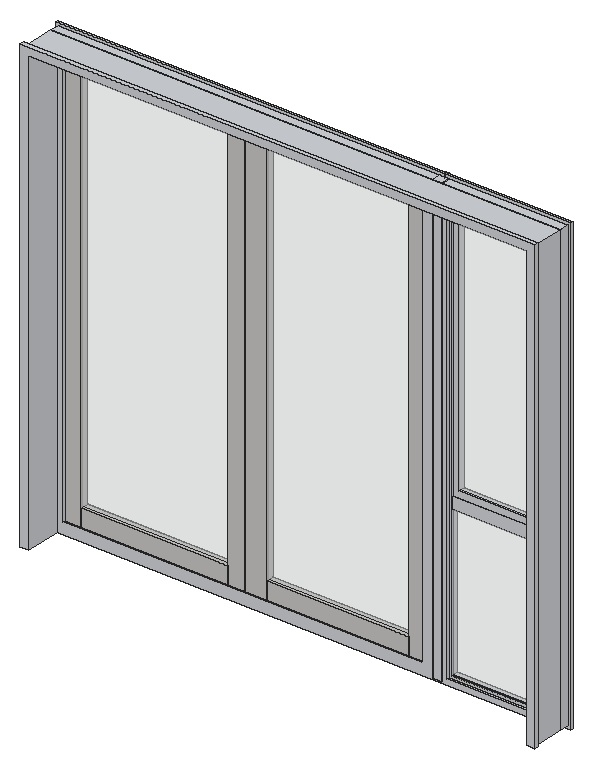
Revit family "APL Residential Thermal Heart French Door with Sidelight", category Doors, host Wall, Revit 2017 (continued)
Definition of nested family "APL Residential Thermal Heart Sidelight Vertical Section"
  Definition of nested family "65000_Frame"
    Lines and regions (mm)
      detail lines, in view "Ref. Level"
        curve 148: arc (-15.221, 13.261, 0) -> (-15.515, 13.14, 0) -> (-15.83, 13.1, 0) r 1.2
        curve 149: arc (-15.83, 13.1, 0) -> (-16.005, 13.153, 0) -> (-16.116, 13.297, 0) r 0.3
        curve 150: arc (-17.004, 15.737, 0) -> (-17.151, 15.928, 0) -> (-17.38, 16, 0) r 0.4
        curve 151: arc (-23.02, 16, 0) -> (-23.249, 15.928, 0) -> (-23.396, 15.737, 0) r 0.4
        curve 152: arc (-24.284, 13.297, 0) -> (-24.395, 13.153, 0) -> (-24.57, 13.1, 0) r 0.3
        curve 153: arc (-24.57, 13.1, 0) -> (-24.885, 13.14, 0) -> (-25.179, 13.261, 0) r 1.2
        curve 154: arc (-26.707, 14.146, 0) -> (-26.804, 14.186, 0) -> (-26.907, 14.2, 0) r 0.4
        curve 155: arc (-27.2, 14.2, 0) -> (-27.483, 14.083, 0) -> (-27.6, 13.8, 0) r 0.4
        curve 156: line (-27.2, 10, 0) -> (-26.907, 10, 0)
        curve 157: line (-26.707, 10.054, 0) -> (-25.179, 10.939, 0)
        curve 158: line (-24.578, 11.1, 0) -> (-23.655, 11.1, 0)
        curve 159: line (-22.716, 11.758, 0) -> (-21.923, 13.937, 0)
        curve 160: line (-21.547, 14.2, 0) -> (-18.853, 14.2, 0)
        curve 161: line (-18.477, 13.937, 0) -> (-17.684, 11.758, 0)
        curve 162: line (-16.745, 11.1, 0) -> (-15.822, 11.1, 0)
        curve 163: line (-15.221, 10.939, 0) -> (-13.693, 10.054, 0)
        curve 164: line (-13.493, 10, 0) -> (-13.2, 10, 0)
        curve 165: line (-12.8, 10.4, 0) -> (-12.8, 13.8, 0)
        curve 166: line (-13.2, 14.2, 0) -> (-13.493, 14.2, 0)
        curve 167: line (-13.693, 14.146, 0) -> (-15.221, 13.261, 0)
        curve 168: line (-16.116, 13.297, 0) -> (-17.004, 15.737, 0)
        curve 169: line (-17.38, 16, 0) -> (-23.02, 16, 0)
        curve 170: line (-23.396, 15.737, 0) -> (-24.284, 13.297, 0)
        curve 171: line (-25.179, 13.261, 0) -> (-26.707, 14.146, 0)
        curve 172: line (-26.907, 14.2, 0) -> (-27.2, 14.2, 0)
        curve 173: line (-27.6, 13.8, 0) -> (-27.6, 10.4, 0)
        curve 174: arc (-15.897, -0.782, 0) -> (-16.183, -0.738, 0) -> (-16.299, -0.474, 0) r 0.3
        curve 175: arc (-16.092, 1.892, 0) -> (-16.065, 1.992, 0) -> (-16.005, 2.078, 0) r 0.3
        curve 176: arc (-15.641, 2.441, 0) -> (-15.448, 2.493, 0) -> (-15.307, 2.352, 0) r 0.2
        curve 177: arc (-15.262, 2.184, 0) -> (-15.21, 2.095, 0) -> (-15.121, 2.043, 0) r 0.2
        curve 178: arc (-12.9, 1.5, 0) -> (-12.62, 1.693, 0) -> (-12.7, 2.024, 0) r 0.3
        curve 179: arc (-12.7, 2.024, 0) -> (-12.774, 2.125, 0) -> (-12.8, 2.247, 0) r 0.3
        curve 180: arc (-12.606, 6.25, 0) -> (-12.642, 6.422, 0) -> (-12.8, 6.5, 0) r 0.2
        curve 181: arc (-13.321, 6.5, 0) -> (-13.402, 6.489, 0) -> (-13.477, 6.456, 0) r 0.3
        curve 182: arc (-14.731, 5.691, 0) -> (-14.728, 5.521, 0) -> (-14.834, 5.389, 0) r 0.25
        curve 183: arc (-14.92, 5.337, 0) -> (-15.172, 5.332, 0) -> (-15.3, 5.55, 0) r 0.25
        curve 184: arc (-15.3, 7.126, 0) -> (-15.218, 7.523, 0) -> (-14.985, 7.854, 0) r 1
        curve 185: arc (-14.985, 7.854, 0) -> (-14.922, 8, 0) -> (-14.985, 8.146, 0) r 0.2
        curve 186: arc (-14.985, 8.146, 0) -> (-15.218, 8.477, 0) -> (-15.3, 8.874, 0) r 1
        curve 187: arc (-15.3, 10.45, 0) -> (-15.172, 10.668, 0) -> (-14.92, 10.663, 0) r 0.25
        curve 188: arc (-14.834, 10.611, 0) -> (-14.728, 10.479, 0) -> (-14.731, 10.309, 0) r 0.25
        curve 189: arc (-13.477, 9.544, 0) -> (-13.402, 9.511, 0) -> (-13.321, 9.5, 0) r 0.3
        curve 190: arc (-12.8, 9.5, 0) -> (-12.642, 9.578, 0) -> (-12.606, 9.75, 0) r 0.2
        curve 191: arc (-12.8, 13.753, 0) -> (-12.774, 13.875, 0) -> (-12.7, 13.976, 0) r 0.3
        curve 192: arc (-12.7, 13.976, 0) -> (-12.62, 14.307, 0) -> (-12.9, 14.5, 0) r 0.3
        curve 193: arc (-15.121, 13.957, 0) -> (-15.21, 13.905, 0) -> (-15.262, 13.816, 0) r 0.2
        curve 194: arc (-15.307, 13.648, 0) -> (-15.448, 13.507, 0) -> (-15.641, 13.559, 0) r 0.2
        curve 195: arc (-16.005, 13.922, 0) -> (-16.065, 14.008, 0) -> (-16.092, 14.108, 0) r 0.3
        curve 196: arc (-16.299, 16.474, 0) -> (-16.183, 16.738, 0) -> (-15.897, 16.782, 0) r 0.3
        curve 197: arc (-14.487, 16.268, 0) -> (-14.361, 16.181, 0) -> (-14.295, 16.043, 0) r 0.3
        curve 198: arc (-14.295, 16.043, 0) -> (-14.022, 15.801, 0) -> (-13.717, 16, 0) r 0.3
        curve 199: arc (-11.9, 16, 0) -> (-11.193, 15.707, 0) -> (-10.9, 15, 0) r 1
        curve 200: arc (-10.9, 2.2, 0) -> (-10.841, 2.059, 0) -> (-10.7, 2, 0) r 0.2
        curve 201: arc (-2.491, 2, 0) -> (-2.137, 2.146, 0) -> (-1.991, 2.5, 0) r 0.5
        curve 202: arc (-1.991, 5.924, 0) -> (-1.844, 6.278, 0) -> (-1.491, 6.425, 0) r 0.501
        curve 203: arc (5.2, 6.425, 0) -> (5.341, 6.484, 0) -> (5.4, 6.625, 0) r 0.2
        curve 204: arc (5.4, 14.6, 0) -> (5.81, 15.59, 0) -> (6.8, 16, 0) r 1.4
        curve 205: arc (16.5, 16, 0) -> (17.2, 15.3, 0) -> (16.5, 14.6, 0) r 0.7
        curve 206: arc (6.7, 6.425, 0) -> (6.29, 5.435, 0) -> (5.3, 5.025, 0) r 1.4
        curve 207: arc (4.017, 5.025, 0) -> (3.727, 4.932, 0) -> (3.545, 4.689, 0) r 0.5
        curve 208: arc (3.545, 4.689, 0) -> (2.991, 4.159, 0) -> (2.238, 4.302, 0) r 0.837
        curve 209: arc (2.238, 4.302, 0) -> (1.3, 4.625, 0) -> (0.362, 4.302, 0) r 1.525
        curve 210: arc (0.362, 4.302, 0) -> (0.2, 4.203, 0) -> (0.02, 4.143, 0) r 0.837
        curve 211: arc (0.02, 4.143, 0) -> (-0.186, 4.046, 0) -> (-0.328, 3.867, 0) r 0.5
        curve 212: arc (-0.328, 3.867, 0) -> (-0.5, 3.1, 0) -> (-0.328, 2.333, 0) r 1.8
        curve 213: arc (-0.328, 2.333, 0) -> (-0.186, 2.154, 0) -> (0.02, 2.057, 0) r 0.5
        curve 214: arc (0.02, 2.057, 0) -> (0.2, 1.997, 0) -> (0.362, 1.898, 0) r 0.837
        curve 215: arc (0.362, 1.898, 0) -> (1.3, 1.575, 0) -> (2.238, 1.898, 0) r 1.525
        curve 216: arc (2.238, 1.898, 0) -> (2.888, 2.064, 0) -> (3.452, 1.7, 0) r 0.837
        curve 217: arc (4.1, 1.7, 0) -> (5.444, 1.144, 0) -> (6, -0.2, 0) r 1.9
        curve 218: arc (6, -1.575, 0) -> (6.059, -1.717, 0) -> (6.2, -1.775, 0) r 0.2
        curve 219: arc (6.5, -1.775, 0) -> (6.641, -1.834, 0) -> (6.7, -1.975, 0) r 0.2
        curve 220: arc (10.2, -4.9, 0) -> (10.7, -5.4, 0) -> (10.2, -5.9, 0) r 0.5
        curve 221: arc (5.9, -5.9, 0) -> (5.759, -5.959, 0) -> (5.7, -6.1, 0) r 0.2
        curve 222: arc (5.7, -18.8, 0) -> (5.641, -18.941, 0) -> (5.5, -19, 0) r 0.2
        curve 223: arc (2.4, -19, 0) -> (2.259, -18.941, 0) -> (2.2, -18.8, 0) r 0.2
        curve 224: arc (2.2, -17.25, 0) -> (2.699, -16.749, 0) -> (3.2, -17.249, 0) r 0.5
        curve 225: arc (3.2, -13.249, 0) -> (2.7, -13.749, 0) -> (2.2, -13.249, 0) r 0.5
        curve 226: arc (2.2, -12.5, 0) -> (2.493, -11.793, 0) -> (3.2, -11.5, 0) r 1
        curve 227: arc (4.1, -11.5, 0) -> (4.241, -11.441, 0) -> (4.3, -11.3, 0) r 0.2
        curve 228: arc (4.3, -5.842, 0) -> (4.539, -5.059, 0) -> (5.175, -4.544, 0) r 1.4
        curve 229: arc (5.175, -4.544, 0) -> (5.266, -4.47, 0) -> (5.3, -4.358, 0) r 0.2
        curve 230: arc (5.3, -3.317, 0) -> (5.266, -3.205, 0) -> (5.175, -3.132, 0) r 0.2
        curve 231: arc (5.175, -3.132, 0) -> (4.539, -2.616, 0) -> (4.3, -1.834, 0) r 1.4
        curve 232: arc (4.3, -0.2, 0) -> (4.241, -0.059, 0) -> (4.1, 0, 0) r 0.2
        curve 233: line (-14.487, -0.268, 0) -> (-15.897, -0.782, 0)
        curve 234: line (-16.299, -0.474, 0) -> (-16.092, 1.892, 0)
        curve 235: line (-16.005, 2.078, 0) -> (-15.641, 2.441, 0)
        curve 236: line (-15.307, 2.352, 0) -> (-15.262, 2.184, 0)
        curve 237: line (-15.262, 2.184, 0) -> (-13.132, 1.51, 0)
        curve 238: line (-13.132, 1.51, 0) -> (-12.9, 1.5, 0)
        curve 239: line (-12.8, 2.247, 0) -> (-12.8, 5.475, 0)
        curve 240: line (-12.8, 5.475, 0) -> (-12.606, 6.25, 0)
        curve 241: line (-12.8, 6.5, 0) -> (-13.321, 6.5, 0)
        curve 242: line (-13.321, 6.5, 0) -> (-14.731, 5.691, 0)
        curve 243: line (-15.3, 5.55, 0) -> (-15.3, 7.126, 0)
        curve 244: line (-15.3, 8.874, 0) -> (-15.3, 10.45, 0)
        curve 245: line (-14.731, 10.309, 0) -> (-13.477, 9.544, 0)
        curve 246: line (-13.477, 9.544, 0) -> (-12.8, 9.5, 0)
        curve 247: line (-12.606, 9.75, 0) -> (-12.794, 10.475, 0)
        curve 248: line (-12.794, 10.475, 0) -> (-12.8, 13.753, 0)
        curve 249: line (-13.054, 14.5, 0) -> (-15.121, 13.957, 0)
        curve 250: line (-15.121, 13.957, 0) -> (-15.307, 13.648, 0)
        curve 251: line (-15.641, 13.559, 0) -> (-16.005, 13.922, 0)
        curve 252: line (-16.092, 14.108, 0) -> (-16.299, 16.474, 0)
        curve 253: line (-15.897, 16.782, 0) -> (-14.487, 16.268, 0)
        curve 254: line (-13.717, 16, 0) -> (-11.9, 16, 0)
        curve 255: line (-10.9, 15, 0) -> (-10.9, 2.2, 0)
        curve 256: line (-10.7, 2, 0) -> (-2.491, 2, 0)
        curve 257: line (-1.991, 2.5, 0) -> (-1.991, 5.924, 0)
        curve 258: line (-1.491, 6.425, 0) -> (5.2, 6.425, 0)
        curve 259: line (5.4, 6.625, 0) -> (5.4, 14.6, 0)
        curve 260: line (6.8, 16, 0) -> (7.7, 16, 0)
        curve 261: line (7.7, 16, 0) -> (8.1, 15.6, 0)
        curve 262: line (8.1, 15.6, 0) -> (13.3, 15.6, 0)
        curve 263: line (13.3, 15.6, 0) -> (13.7, 16, 0)
        curve 264: line (13.7, 16, 0) -> (16.7, 16, 0)
        curve 265: line (16.5, 14.6, 0) -> (6.7, 14.6, 0)
        curve 266: line (6.7, 14.6, 0) -> (6.7, 6.425, 0)
        curve 267: line (5.3, 5.025, 0) -> (4.017, 5.025, 0)
        curve 268: line (3.452, 1.7, 0) -> (4.1, 1.7, 0)
        curve 269: line (6, -0.2, 0) -> (6, -1.575, 0)
        curve 270: line (6.2, -1.775, 0) -> (6.5, -1.775, 0)
        curve 271: line (6.7, -1.975, 0) -> (6.7, -4.9, 0)
        curve 272: line (6.7, -4.9, 0) -> (10.2, -4.9, 0)
        curve 273: line (10.2, -5.9, 0) -> (5.9, -5.9, 0)
        curve 274: line (5.7, -6.1, 0) -> (5.7, -18.8, 0)
        curve 275: line (5.5, -19, 0) -> (2.4, -19, 0)
        curve 276: line (2.2, -18.8, 0) -> (2.2, -17.25, 0)
        curve 277: line (3.2, -17.249, 0) -> (3.2, -18, 0)
        curve 278: line (3.2, -18, 0) -> (4.7, -18, 0)
        curve 279: line (4.7, -18, 0) -> (4.7, -12.5, 0)
        curve 280: line (4.7, -12.5, 0) -> (3.2, -12.5, 0)
        curve 281: line (3.2, -12.5, 0) -> (3.2, -13.249, 0)
        curve 282: line (2.2, -13.249, 0) -> (2.2, -12.5, 0)
        curve 283: line (3.2, -11.5, 0) -> (4.1, -11.5, 0)
        curve 284: line (4.3, -11.3, 0) -> (4.3, -5.842, 0)
        curve 285: line (5.3, -4.358, 0) -> (5.3, -3.317, 0)
        curve 286: line (4.3, -1.834, 0) -> (4.3, -0.2, 0)
        curve 287: line (4.1, 0, 0) -> (-6, 0, 0)
        curve 288: line (-6, 0, 0) -> (-6.4, 0.4, 0)
        curve 289: line (-6.4, 0.4, 0) -> (-6.8, 0, 0)
        curve 290: line (-6.8, 0, 0) -> (-13.717, 0, 0)
        curve 291: arc (-13.717, 0, 0) -> (-14.022, 0.199, 0) -> (-14.295, -0.043, 0) r 0.3
        curve 292: arc (-14.295, -0.043, 0) -> (-14.361, -0.181, 0) -> (-14.487, -0.268, 0) r 0.3
        curve 293: arc (0.482, -10.144, 0) -> (0.172, -10.004, 0) -> (0.009, -10.303, 0) r 0.25
        curve 294: arc (0.036, -20.191, 0) -> (0.198, -20.491, 0) -> (0.508, -20.351, 0) r 0.25
        curve 295: line (0.009, -10.303, 0) -> (1.003, -14.171, 0)
        curve 296: line (1.003, -14.171, 0) -> (0, -14.75, 0)
        curve 297: line (0, -14.75, 0) -> (0, -15.75, 0)
        curve 298: line (0, -15.75, 0) -> (1.025, -16.342, 0)
        curve 299: line (1.025, -16.342, 0) -> (0.036, -20.191, 0)
        curve 300: line (0.508, -20.351, 0) -> (2.232, -16.25, 0)
        curve 301: line (2.232, -16.25, 0) -> (3.5, -16.25, 0)
        curve 302: line (3.5, -16.25, 0) -> (3.5, -17.5, 0)
        curve 303: line (3.5, -17.5, 0) -> (4.5, -17.5, 0)
        curve 304: line (4.5, -17.5, 0) -> (4.5, -13, 0)
        curve 305: line (4.5, -13, 0) -> (3.5, -13, 0)
        curve 306: line (3.5, -13, 0) -> (3.5, -14.25, 0)
        curve 307: line (3.5, -14.25, 0) -> (2.208, -14.25, 0)
        curve 308: line (2.208, -14.25, 0) -> (0.482, -10.144, 0)
      detail lines, in view "Ref. Level", not visible
        curve 309: arc (33.161, -9.933, 0) -> (32.851, -9.793, 0) -> (32.689, -10.092, 0) r 0.25
        curve 310: arc (32.715, -19.98, 0) -> (32.877, -20.279, 0) -> (33.188, -20.139, 0) r 0.25
        curve 311: line (32.689, -10.092, 0) -> (33.683, -13.959, 0)
        curve 312: line (33.683, -13.959, 0) -> (32.679, -14.539, 0)
        curve 313: line (32.679, -14.539, 0) -> (32.679, -15.539, 0)
        curve 314: line (32.679, -15.539, 0) -> (33.705, -16.131, 0)
        curve 315: line (33.705, -16.131, 0) -> (32.715, -19.98, 0)
        curve 316: line (33.188, -20.139, 0) -> (34.912, -16.039, 0)
        curve 317: line (34.912, -16.039, 0) -> (36.179, -16.039, 0)
        curve 318: line (36.179, -16.039, 0) -> (36.179, -17.289, 0)
        curve 319: line (36.179, -17.289, 0) -> (37.179, -17.289, 0)
        curve 320: line (37.179, -17.289, 0) -> (37.179, -12.789, 0)
        curve 321: line (37.179, -12.789, 0) -> (36.179, -12.789, 0)
        curve 322: line (36.179, -12.789, 0) -> (36.179, -14.039, 0)
        curve 323: line (36.179, -14.039, 0) -> (34.887, -14.039, 0)
        curve 324: line (34.887, -14.039, 0) -> (33.161, -9.933, 0)
    Text (mm)
      text "65000" at (-42.674, -12.336, 0), in view "Ref. Level"
  Definition of nested family "Glazing Bead"
    Parameters (values of type "Glazing Bead")
      Glass Lenght [instance] = 50 mm
    Reference planes
      plane 1 "Center (Front/Back)": y = 0
      plane 2: z = 0
      plane 3 "Center (Left/Right)": x = 0
      plane 4: y = -50
    Lines and regions (mm)
      Filled region 1, type "Solid Fill - Black", in view "Ref. Level"
        outline origin (0, 0, 0) x (1, 0, 0) y (0, 1, 0)
          loop
            line (4, 0) -> (4, -12) -> (20, -12) -> (20, 0) -> (4, 0)
      model lines, in view "Ref. Level"
        curve 1: line (4, -12, 0) -> (20, -12, 0)
        curve 2: line (0, -50, 0) -> (0, 0, 0)
        curve 3: line (0, 0, 0) -> (24, 0, 0)
        curve 4: line (24, 0, 0) -> (24, -50, 0)
        curve 5: line (20, 0, 0) -> (20, -50, 0)
        curve 6: line (4, 0, 0) -> (4, -50, 0)
      detail lines, in view "Ref. Level"
        curve 7: arc (-0.25, -4.9, 0) -> (0, -5.15, 0) -> (-0.25, -5.4, 0) r 0.25
        curve 8: arc (-0.25, -8.45, 0) -> (0, -8.7, 0) -> (-0.25, -8.95, 0) r 0.25
        curve 9: arc (-0.25, -9.619, 0) -> (0, -9.869, 0) -> (-0.25, -10.119, 0) r 0.25
        curve 10: arc (-0.25, -10.787, 0) -> (0, -11.037, 0) -> (-0.25, -11.287, 0) r 0.25
        curve 11: line (-0.25, -12.456, 0) -> (-1, -12.456, 0)
        curve 12: line (-1, -12.456, 0) -> (-1, -8.45, 0)
        curve 13: line (-1, -8.45, 0) -> (-2.2, -8.45, 0)
        curve 14: line (-2.2, -8.45, 0) -> (-2.2, -9.2, 0)
        curve 15: line (-2.2, -9.2, 0) -> (-2.8, -9.2, 0)
        curve 16: line (-2.8, -9.2, 0) -> (-2.8, -6.1, 0)
        curve 17: line (-2.8, -6.1, 0) -> (-2.2, -6.1, 0)
        curve 18: line (-2.2, -6.1, 0) -> (-2.2, -6.85, 0)
        curve 19: line (-2.2, -6.85, 0) -> (-1, -6.85, 0)
        curve 20: line (-1, -6.85, 0) -> (-1, -4.9, 0)
        curve 21: line (-1, -4.9, 0) -> (-0.25, -4.9, 0)
        curve 22: line (-0.25, -5.4, 0) -> (-0.25, -8.45, 0)
        curve 23: line (-0.25, -8.95, 0) -> (-0.25, -9.619, 0)
        curve 24: line (-0.25, -10.119, 0) -> (-0.25, -10.787, 0)
        curve 25: line (-0.25, -11.287, 0) -> (-0.25, -11.956, 0)
        curve 26: arc (-0.25, -11.956, 0) -> (0, -12.206, 0) -> (-0.25, -12.456, 0) r 0.25
      detail lines, in view "Ref. Level", not visible
        curve 27: arc (-0.25, -4.9, 0) -> (0, -5.15, 0) -> (-0.25, -5.4, 0) r 0.25
        curve 28: arc (-0.25, -8.45, 0) -> (0, -8.7, 0) -> (-0.25, -8.95, 0) r 0.25
        curve 29: arc (-0.25, -9.619, 0) -> (0, -9.869, 0) -> (-0.25, -10.119, 0) r 0.25
        curve 30: arc (-0.25, -10.787, 0) -> (0, -11.037, 0) -> (-0.25, -11.287, 0) r 0.25
        curve 31: line (-0.25, -12.456, 0) -> (-1, -12.456, 0)
        curve 32: line (-1, -12.456, 0) -> (-1, -8.45, 0)
        curve 33: line (-1, -8.45, 0) -> (-2.2, -8.45, 0)
        curve 34: line (-2.2, -8.45, 0) -> (-2.2, -9.2, 0)
        curve 35: line (-2.2, -9.2, 0) -> (-2.8, -9.2, 0)
        curve 36: line (-2.8, -9.2, 0) -> (-2.8, -6.1, 0)
        curve 37: line (-2.8, -6.1, 0) -> (-2.2, -6.1, 0)
        curve 38: line (-2.2, -6.1, 0) -> (-2.2, -6.85, 0)
        curve 39: line (-2.2, -6.85, 0) -> (-1, -6.85, 0)
        curve 40: line (-1, -6.85, 0) -> (-1, -4.9, 0)
        curve 41: line (-1, -4.9, 0) -> (-0.25, -4.9, 0)
        curve 42: line (-0.25, -5.4, 0) -> (-0.25, -8.45, 0)
        curve 43: line (-0.25, -8.95, 0) -> (-0.25, -9.619, 0)
        curve 44: line (-0.25, -10.119, 0) -> (-0.25, -10.787, 0)
        curve 45: line (-0.25, -11.287, 0) -> (-0.25, -11.956, 0)
        curve 46: arc (-0.25, -11.956, 0) -> (0, -12.206, 0) -> (-0.25, -12.456, 0) r 0.25
        curve 47: arc (62.983, -3.041, 0) -> (62.673, -2.901, 0) -> (62.511, -3.2, 0) r 0.25
        curve 48: arc (62.537, -13.088, 0) -> (62.7, -13.387, 0) -> (63.01, -13.247, 0) r 0.25
        curve 49: line (62.511, -3.2, 0) -> (63.505, -7.068, 0)
        curve 50: line (63.505, -7.068, 0) -> (62.502, -7.647, 0)
        curve 51: line (62.502, -7.647, 0) -> (62.502, -8.647, 0)
        curve 52: line (62.502, -8.647, 0) -> (63.527, -9.239, 0)
        curve 53: line (63.527, -9.239, 0) -> (62.537, -13.088, 0)
        curve 54: line (63.01, -13.247, 0) -> (64.734, -9.147, 0)
        curve 55: line (64.734, -9.147, 0) -> (66.002, -9.147, 0)
        curve 56: line (66.002, -9.147, 0) -> (66.002, -10.397, 0)
        curve 57: line (66.002, -10.397, 0) -> (67.002, -10.397, 0)
        curve 58: line (67.002, -10.397, 0) -> (67.002, -5.897, 0)
        curve 59: line (67.002, -5.897, 0) -> (66.002, -5.897, 0)
        curve 60: line (66.002, -5.897, 0) -> (66.002, -7.147, 0)
        curve 61: line (66.002, -7.147, 0) -> (64.71, -7.147, 0)
        curve 62: line (64.71, -7.147, 0) -> (62.983, -3.041, 0)
    Dimensions and locks
      "Glass Lenght": plane 1 "Center (Front/Back)" to plane 4
      aligned and locked: plane 4 to curve 2
      aligned and locked: plane 1 "Center (Front/Back)" to Filled region 1 sketch curve
      aligned and locked: Filled region 1 sketch curve to curve 6
      aligned and locked: Filled region 1 sketch curve to curve 1
      aligned and locked: Filled region 1 sketch curve to curve 5
    Automatic sketch dimensions
      plane 1 "Center (Front/Back)" to curve 2 = 0 mm
      curve 2 to plane 3 "Center (Left/Right)" = 0 mm
      curve 6 to plane 4 = 0 mm
      curve 5 to plane 4 = 0 mm
      curve 4 to plane 4 = 0 mm
      curve 5 to curve 3 = 4 mm
      plane 3 "Center (Left/Right)" to curve 1 = 4 mm
      curve 6 to curve 5 = 16 mm
      plane 1 "Center (Front/Back)" to curve 1 = 12 mm
    Nested families
      nested 1: "65015_Bead" at (-15.5, 6.328, 0), type "65015_Bead", in view "Ref. Level"
    Definition of nested family "65015_Bead"
      Reference planes
        plane 1 "Center (Front/Back)": y = 0
        plane 2: z = 0
        plane 3 "Center (Left/Right)": x = 0
      Lines and regions (mm)
        model lines, in view "Ref. Level"
          curve 1: arc (13.5, 12.78, 0) -> (13.558, 12.92, 0) -> (13.698, 12.978, 0) r 0.198
          curve 2: arc (14.302, 12.978, 0) -> (14.442, 12.918, 0) -> (14.5, 12.777, 0) r 0.201
          curve 3: arc (14.5, 10.175, 0) -> (14.442, 10.036, 0) -> (14.302, 9.978, 0) r 0.198
          curve 4: arc (13.698, 9.978, 0) -> (13.558, 10.036, 0) -> (13.5, 10.175, 0) r 0.198
          curve 5: arc (13.5, 11.027, 0) -> (13.442, 11.169, 0) -> (13.3, 11.228, 0) r 0.2
          curve 6: arc (12.7, 11.228, 0) -> (11.851, 11.579, 0) -> (11.5, 12.428, 0) r 1.2
          curve 7: arc (11.5, 13.628, 0) -> (11.377, 13.813, 0) -> (11.159, 13.769, 0) r 0.2
          curve 8: arc (1.546, 4.157, 0) -> (1.438, 3.995, 0) -> (1.4, 3.804, 0) r 0.5
          curve 9: arc (1.4, 1.817, 0) -> (1.467, 1.567, 0) -> (1.65, 1.384, 0) r 0.5
          curve 10: arc (10.675, -3.827, 0) -> (10.913, -4.714, 0) -> (10.025, -4.952, 0) r 0.65
          curve 11: arc (3.306, -1.073, 0) -> (2.928, -1.023, 0) -> (2.624, -1.254, 0) r 0.5
          curve 12: arc (2.587, -2.129, 0) -> (2.248, -2.45, 0) -> (1.791, -2.352, 0) r 0.5
          curve 13: arc (1.518, -2.123, 0) -> (1.466, -2.054, 0) -> (1.447, -1.97, 0) r 0.2
          curve 14: arc (1.447, -1.115, 0) -> (1.476, -1.011, 0) -> (1.555, -0.938, 0) r 0.2
          curve 15: arc (1.555, -0.938, 0) -> (1.717, -0.809, 0) -> (1.82, -0.63, 0) r 0.55
          curve 16: arc (1.82, -0.63, 0) -> (1.825, -0.452, 0) -> (1.729, -0.302, 0) r 0.3
          curve 17: arc (0.2, 0, 0) -> (0.059, 0.059, 0) -> (0, 0.2, 0) r 0.2
          curve 18: arc (0, 4.383, 0) -> (0.038, 4.575, 0) -> (0.146, 4.737, 0) r 0.5
          curve 19: arc (14.159, 18.749, 0) -> (14.377, 18.792, 0) -> (14.5, 18.608, 0) r 0.2
          curve 20: arc (14.5, 15.172, 0) -> (14.442, 15.034, 0) -> (14.303, 14.978, 0) r 0.194
          curve 21: arc (13.698, 14.978, 0) -> (13.559, 15.038, 0) -> (13.5, 15.177, 0) r 0.203
          curve 22: arc (13.5, 15.528, 0) -> (13.441, 15.669, 0) -> (13.3, 15.728, 0) r 0.201
          curve 23: arc (12.7, 15.728, 0) -> (12.559, 15.669, 0) -> (12.5, 15.528, 0) r 0.2
          curve 24: arc (12.5, 12.428, 0) -> (12.559, 12.286, 0) -> (12.7, 12.228, 0) r 0.2
          curve 25: line (13.5, 12.428, 0) -> (13.5, 12.78, 0)
          curve 26: line (13.698, 12.978, 0) -> (14.302, 12.978, 0)
          curve 27: line (14.5, 12.777, 0) -> (14.5, 10.175, 0)
          curve 28: line (14.302, 9.978, 0) -> (13.698, 9.978, 0)
          curve 29: line (13.5, 10.175, 0) -> (13.5, 11.027, 0)
          curve 30: line (13.3, 11.228, 0) -> (12.7, 11.228, 0)
          curve 31: line (11.5, 12.428, 0) -> (11.5, 13.628, 0)
          curve 32: line (11.159, 13.769, 0) -> (1.546, 4.157, 0)
          curve 33: line (1.4, 3.804, 0) -> (1.4, 1.817, 0)
          curve 34: line (1.65, 1.384, 0) -> (10.675, -3.827, 0)
          curve 35: line (10.025, -4.952, 0) -> (3.306, -1.073, 0)
          curve 36: line (2.597, -1.355, 0) -> (2.597, -2.065, 0)
          curve 37: line (1.791, -2.352, 0) -> (1.518, -2.123, 0)
          curve 38: line (1.518, -2.123, 0) -> (1.447, -1.115, 0)
          curve 39: line (1.729, -0.302, 0) -> (1.425, -0.047, 0)
          curve 40: line (1.425, -0.047, 0) -> (0.2, 0, 0)
          curve 41: line (0, 0.2, 0) -> (0, 4.383, 0)
          curve 42: line (0.146, 4.737, 0) -> (14.159, 18.749, 0)
          curve 43: line (14.5, 18.608, 0) -> (14.5, 15.172, 0)
          curve 44: line (14.303, 14.978, 0) -> (13.698, 14.978, 0)
          curve 45: line (13.5, 15.177, 0) -> (13.5, 15.528, 0)
          curve 46: line (13.3, 15.728, 0) -> (12.7, 15.728, 0)
          curve 47: line (12.5, 15.528, 0) -> (12.5, 12.428, 0)
          curve 48: line (12.7, 12.228, 0) -> (13.3, 12.228, 0)
          curve 49: arc (13.3, 12.228, 0) -> (13.441, 12.286, 0) -> (13.5, 12.428, 0) r 0.2
      Text (mm)
        text "65015" at (32.01, 10.207, 0), in view "Ref. Level"
  Definition of nested family "Sash Mullion-Transom"
    Reference planes
      plane 1 "Center (Front/Back)": y = 0
      plane 2: z = 0
      plane 3 "Center (Left/Right)": x = 0
    Dimensions and locks
      nested 1 to nested 2 = 13 mm
    Nested families
      nested 1: "65720_Sash" at (-40.8, 31, 0), type "65720_Sash", in view "Ref. Level"
      nested 2: "65100_Mullion&Transom" at (0, 0, 0), type "65100_Mullion&Transom", in view "Ref. Level"
    Definition of nested family "65720_Sash"
      Reference planes
        plane 1 "Center (Front/Back)": y = 0
        plane 2: z = 0
        plane 3 "Center (Left/Right)": x = 0
      Lines and regions (mm)
        detail lines, in view "Ref. Level"
          curve 1: arc (-0.482, 17.85, 0) -> (-0.172, 17.71, 0) -> (-0.009, 18.009, 0) r 0.25
          curve 2: arc (-0.036, 27.897, 0) -> (-0.198, 28.196, 0) -> (-0.508, 28.056, 0) r 0.25
          curve 3: line (-0.009, 18.009, 0) -> (-1.003, 21.876, 0)
          curve 4: line (-1.003, 21.876, 0) -> (0, 22.455, 0)
          curve 5: line (0, 22.455, 0) -> (0, 23.455, 0)
          curve 6: line (0, 23.455, 0) -> (-1.025, 24.047, 0)
          curve 7: line (-1.025, 24.047, 0) -> (-0.036, 27.897, 0)
          curve 8: line (-0.508, 28.056, 0) -> (-2.232, 23.955, 0)
          curve 9: line (-2.232, 23.955, 0) -> (-3.5, 23.955, 0)
          curve 10: line (-3.5, 23.955, 0) -> (-3.5, 25.205, 0)
          curve 11: line (-3.5, 25.205, 0) -> (-4.5, 25.205, 0)
          curve 12: line (-4.5, 25.205, 0) -> (-4.5, 20.705, 0)
          curve 13: line (-4.5, 20.705, 0) -> (-3.5, 20.705, 0)
          curve 14: line (-3.5, 20.705, 0) -> (-3.5, 21.955, 0)
          curve 15: line (-3.5, 21.955, 0) -> (-2.208, 21.955, 0)
          curve 16: line (-2.208, 21.955, 0) -> (-0.482, 17.85, 0)
        detail lines, in view "Ref. Level", not visible
          curve 17: arc (33.161, -9.933, 0) -> (32.851, -9.793, 0) -> (32.689, -10.092, 0) r 0.25
          curve 18: arc (32.715, -19.98, 0) -> (32.877, -20.279, 0) -> (33.188, -20.139, 0) r 0.25
          curve 19: line (32.689, -10.092, 0) -> (33.683, -13.959, 0)
          curve 20: line (33.683, -13.959, 0) -> (32.679, -14.539, 0)
          curve 21: line (32.679, -14.539, 0) -> (32.679, -15.539, 0)
          curve 22: line (32.679, -15.539, 0) -> (33.705, -16.131, 0)
          curve 23: line (33.705, -16.131, 0) -> (32.715, -19.98, 0)
          curve 24: line (33.188, -20.139, 0) -> (34.912, -16.039, 0)
          curve 25: line (34.912, -16.039, 0) -> (36.179, -16.039, 0)
          curve 26: line (36.179, -16.039, 0) -> (36.179, -17.289, 0)
          curve 27: line (36.179, -17.289, 0) -> (37.179, -17.289, 0)
          curve 28: line (37.179, -17.289, 0) -> (37.179, -12.789, 0)
          curve 29: line (37.179, -12.789, 0) -> (36.179, -12.789, 0)
          curve 30: line (36.179, -12.789, 0) -> (36.179, -14.039, 0)
          curve 31: line (36.179, -14.039, 0) -> (34.887, -14.039, 0)
          curve 32: line (34.887, -14.039, 0) -> (33.161, -9.933, 0)
        model lines, in view "Ref. Level"
          curve 33: arc (17.915, 0.146, 0) -> (17.978, 0, 0) -> (17.915, -0.146, 0) r 0.2
          curve 34: arc (17.915, -0.146, 0) -> (17.682, -0.477, 0) -> (17.6, -0.874, 0) r 1
          curve 35: arc (17.6, -2.45, 0) -> (17.728, -2.668, 0) -> (17.98, -2.663, 0) r 0.25
          curve 36: arc (18.066, -2.611, 0) -> (18.172, -2.479, 0) -> (18.169, -2.309, 0) r 0.25
          curve 37: arc (19.422, -1.544, 0) -> (19.498, -1.511, 0) -> (19.579, -1.5, 0) r 0.3
          curve 38: arc (20.1, -1.5, 0) -> (20.258, -1.578, 0) -> (20.294, -1.75, 0) r 0.2
          curve 39: arc (20.1, -5.753, 0) -> (20.126, -5.875, 0) -> (20.2, -5.976, 0) r 0.3
          curve 40: arc (20.2, -5.976, 0) -> (20.28, -6.307, 0) -> (20, -6.5, 0) r 0.3
          curve 41: arc (17.779, -5.957, 0) -> (17.69, -5.905, 0) -> (17.638, -5.816, 0) r 0.2
          curve 42: arc (17.593, -5.648, 0) -> (17.452, -5.507, 0) -> (17.259, -5.559, 0) r 0.2
          curve 43: arc (16.895, -5.922, 0) -> (16.835, -6.008, 0) -> (16.808, -6.108, 0) r 0.3
          curve 44: arc (16.601, -8.474, 0) -> (16.717, -8.738, 0) -> (17.003, -8.782, 0) r 0.3
          curve 45: arc (18.413, -8.268, 0) -> (18.539, -8.181, 0) -> (18.605, -8.043, 0) r 0.3
          curve 46: arc (18.605, -8.043, 0) -> (18.878, -7.801, 0) -> (19.183, -8, 0) r 0.3
          curve 47: arc (38.5, -8, 0) -> (38.855, -8.145, 0) -> (39, -8.5, 0) r 0.496
          curve 48: arc (37.5, -13.6, 0) -> (36.793, -13.893, 0) -> (36.5, -14.6, 0) r 1
          curve 49: arc (36.5, -15.098, 0) -> (37, -15.599, 0) -> (37.5, -15.099, 0) r 0.5
          curve 50: arc (39.4, -19.8, 0) -> (39.1, -20.1, 0) -> (39.4, -20.4, 0) r 0.3
          curve 51: arc (37.5, -24.002, 0) -> (37.354, -23.647, 0) -> (37, -23.5, 0) r 0.5
          curve 52: arc (36.001, -23.5, 0) -> (35.859, -23.441, 0) -> (35.8, -23.3, 0) r 0.2
          curve 53: arc (35.8, -23.308, 0) -> (35.697, -23.003, 0) -> (35.429, -22.825, 0) r 0.5
          curve 54: arc (34.552, -22.589, 0) -> (34.378, -22.624, 0) -> (34.3, -22.783, 0) r 0.2
          curve 55: arc (34.52, -24.835, 0) -> (34.588, -24.953, 0) -> (34.717, -25, 0) r 0.2
          curve 56: arc (36, -26.8, 0) -> (36.059, -26.941, 0) -> (36.2, -27, 0) r 0.2
          curve 57: arc (40.6, -27, 0) -> (40.741, -26.941, 0) -> (40.8, -26.8, 0) r 0.2
          curve 58: arc (40.8, 9.2, 0) -> (40.2, 9.801, 0) -> (39.6, 9.2, 0) r 0.6
          curve 59: arc (34.719, 4.17, 0) -> (34.38, 4.303, 0) -> (34.221, 4.63, 0) r 0.5
          curve 60: arc (34.221, 4.63, 0) -> (34.008, 5.519, 0) -> (33.531, 6.299, 0) r 2.93
          curve 61: arc (33.531, 6.299, 0) -> (33.518, 6.54, 0) -> (33.747, 6.618, 0) r 0.2
          curve 62: arc (33.747, 6.618, 0) -> (34.115, 6.712, 0) -> (34.181, 7.087, 0) r 0.35
          curve 63: arc (34.181, 7.087, 0) -> (33.629, 7.751, 0) -> (32.801, 8, 0) r 1.498
          curve 64: arc (19.183, 8, 0) -> (18.878, 7.801, 0) -> (18.605, 8.043, 0) r 0.3
          curve 65: arc (18.605, 8.043, 0) -> (18.539, 8.181, 0) -> (18.413, 8.268, 0) r 0.3
          curve 66: arc (17.003, 8.782, 0) -> (16.717, 8.738, 0) -> (16.601, 8.474, 0) r 0.3
          curve 67: arc (16.808, 6.108, 0) -> (16.835, 6.008, 0) -> (16.895, 5.922, 0) r 0.3
          curve 68: arc (17.259, 5.559, 0) -> (17.452, 5.507, 0) -> (17.593, 5.648, 0) r 0.2
          curve 69: arc (17.638, 5.816, 0) -> (17.69, 5.905, 0) -> (17.779, 5.957, 0) r 0.2
          curve 70: arc (20, 6.5, 0) -> (20.28, 6.307, 0) -> (20.2, 5.976, 0) r 0.3
          curve 71: arc (20.2, 5.976, 0) -> (20.126, 5.875, 0) -> (20.1, 5.753, 0) r 0.3
          curve 72: arc (20.294, 1.75, 0) -> (20.258, 1.578, 0) -> (20.1, 1.5, 0) r 0.2
          curve 73: arc (19.579, 1.5, 0) -> (19.498, 1.511, 0) -> (19.423, 1.544, 0) r 0.3
          curve 74: arc (18.169, 2.309, 0) -> (18.172, 2.479, 0) -> (18.066, 2.611, 0) r 0.25
          curve 75: arc (17.98, 2.663, 0) -> (17.728, 2.668, 0) -> (17.6, 2.45, 0) r 0.25
          curve 76: arc (17.6, 0.874, 0) -> (17.682, 0.477, 0) -> (17.915, 0.146, 0) r 1
          curve 77: arc (28.892, 6.6, 0) -> (29.073, 6.485, 0) -> (29.046, 6.272, 0) r 0.2
          curve 78: arc (29.046, 6.272, 0) -> (28.37, 4.41, 0) -> (29.034, 2.543, 0) r 2.93
          curve 79: arc (29.034, 2.543, 0) -> (30.019, 2.445, 0) -> (30.116, 3.43, 0) r 0.7
          curve 80: arc (30.116, 3.43, 0) -> (29.77, 4.4, 0) -> (30.116, 5.37, 0) r 1.53
          curve 81: arc (30.116, 5.37, 0) -> (30.208, 5.514, 0) -> (30.262, 5.676, 0) r 0.7
          curve 82: arc (30.262, 5.676, 0) -> (30.359, 5.888, 0) -> (30.541, 6.032, 0) r 0.5
          curve 83: arc (30.541, 6.032, 0) -> (31.3, 6.2, 0) -> (32.059, 6.032, 0) r 1.8
          curve 84: arc (32.059, 6.032, 0) -> (32.241, 5.888, 0) -> (32.338, 5.676, 0) r 0.5
          curve 85: arc (32.338, 5.676, 0) -> (32.392, 5.514, 0) -> (32.484, 5.37, 0) r 0.7
          curve 86: arc (32.484, 5.37, 0) -> (32.83, 4.4, 0) -> (32.484, 3.43, 0) r 1.53
          curve 87: arc (32.484, 3.43, 0) -> (32.581, 2.445, 0) -> (33.566, 2.543, 0) r 0.7
          curve 88: arc (33.566, 2.543, 0) -> (33.647, 2.645, 0) -> (33.722, 2.751, 0) r 2.93
          curve 89: arc (33.722, 2.751, 0) -> (33.902, 2.912, 0) -> (34.135, 2.97, 0) r 0.5
          curve 90: arc (38.899, 2.97, 0) -> (39.253, 2.824, 0) -> (39.4, 2.47, 0) r 0.5
          curve 91: arc (39.4, -6.3, 0) -> (39.254, -6.654, 0) -> (38.9, -6.8, 0) r 0.5
          curve 92: arc (22.502, -6.8, 0) -> (22.147, -6.654, 0) -> (22, -6.3, 0) r 0.5
          curve 93: line (17.6, -0.874, 0) -> (17.6, -2.45, 0)
          curve 94: line (18.169, -2.309, 0) -> (19.422, -1.544, 0)
          curve 95: line (19.422, -1.544, 0) -> (20.1, -1.5, 0)
          curve 96: line (20.294, -1.75, 0) -> (20.106, -2.475, 0)
          curve 97: line (20.106, -2.475, 0) -> (20.1, -5.753, 0)
          curve 98: line (19.846, -6.5, 0) -> (17.779, -5.957, 0)
          curve 99: line (17.779, -5.957, 0) -> (17.593, -5.648, 0)
          curve 100: line (17.259, -5.559, 0) -> (16.895, -5.922, 0)
          curve 101: line (16.808, -6.108, 0) -> (16.601, -8.474, 0)
          curve 102: line (17.003, -8.782, 0) -> (18.413, -8.268, 0)
          curve 103: line (19.183, -8, 0) -> (38.5, -8, 0)
          curve 104: line (39, -8.5, 0) -> (39, -13.6, 0)
          curve 105: line (39, -13.6, 0) -> (37.5, -13.6, 0)
          curve 106: line (36.5, -14.6, 0) -> (36.5, -15.098, 0)
          curve 107: line (37.5, -15.099, 0) -> (37.5, -14.6, 0)
          curve 108: line (37.5, -14.6, 0) -> (39.4, -14.6, 0)
          curve 109: line (39.4, -14.6, 0) -> (39.4, -19.8, 0)
          curve 110: line (39.4, -20.4, 0) -> (39.4, -25.6, 0)
          curve 111: line (39.4, -25.6, 0) -> (37.5, -25.6, 0)
          curve 112: line (37.5, -25.6, 0) -> (37.5, -24.002, 0)
          curve 113: line (37, -23.5, 0) -> (36.001, -23.5, 0)
          curve 114: line (35.429, -22.825, 0) -> (34.552, -22.589, 0)
          curve 115: line (34.3, -22.783, 0) -> (34.3, -23.589, 0)
          curve 116: line (34.3, -23.589, 0) -> (34.52, -24.835, 0)
          curve 117: line (34.717, -25, 0) -> (36, -25, 0)
          curve 118: line (36, -25, 0) -> (36, -26.8, 0)
          curve 119: line (36.2, -27, 0) -> (40.6, -27, 0)
          curve 120: line (40.8, -26.8, 0) -> (40.8, 9.2, 0)
          curve 121: line (39.6, 9.2, 0) -> (39.6, 4.17, 0)
          curve 122: line (39.6, 4.17, 0) -> (34.719, 4.17, 0)
          curve 123: line (32.801, 8, 0) -> (24.7, 8, 0)
          curve 124: line (24.7, 8, 0) -> (24.3, 7.6, 0)
          curve 125: line (24.3, 7.6, 0) -> (23.9, 8, 0)
          curve 126: line (23.9, 8, 0) -> (19.183, 8, 0)
          curve 127: line (18.413, 8.268, 0) -> (17.003, 8.782, 0)
          curve 128: line (16.601, 8.474, 0) -> (16.808, 6.108, 0)
          curve 129: line (16.895, 5.922, 0) -> (17.259, 5.559, 0)
          curve 130: line (17.593, 5.648, 0) -> (17.638, 5.816, 0)
          curve 131: line (17.638, 5.816, 0) -> (19.768, 6.49, 0)
          curve 132: line (19.768, 6.49, 0) -> (20, 6.5, 0)
          curve 133: line (20.1, 5.753, 0) -> (20.1, 2.525, 0)
          curve 134: line (20.1, 2.525, 0) -> (20.294, 1.75, 0)
          curve 135: line (20.1, 1.5, 0) -> (19.579, 1.5, 0)
          curve 136: line (19.579, 1.5, 0) -> (18.169, 2.309, 0)
          curve 137: line (17.6, 2.45, 0) -> (17.6, 0.874, 0)
          curve 138: line (22.5, 6.6, 0) -> (28.892, 6.6, 0)
          curve 139: line (34.135, 2.97, 0) -> (38.899, 2.97, 0)
          curve 140: line (39.4, 2.47, 0) -> (39.4, -6.3, 0)
          curve 141: line (38.9, -6.8, 0) -> (22.502, -6.8, 0)
          curve 142: line (22, -6.3, 0) -> (22, 6.1, 0)
          curve 143: arc (22, 6.1, 0) -> (22.146, 6.454, 0) -> (22.5, 6.6, 0) r 0.5
          curve 144: arc (12.714, 14.359, 0) -> (13.138, 14.183, 0) -> (13.314, 13.759, 0) r 0.6
          curve 145: arc (13.633, 5.978, 0) -> (13.937, 5.291, 0) -> (14.633, 5.009, 0) r 1
          curve 146: arc (17.054, 5.009, 0) -> (17.364, 5.05, 0) -> (17.654, 5.17, 0) r 1.2
          curve 147: arc (19.714, 6.209, 0) -> (19.996, 6.092, 0) -> (20.114, 5.809, 0) r 0.4
          curve 148: arc (20.014, 4.834, 0) -> (19.955, 4.693, 0) -> (19.814, 4.634, 0) r 0.2
          curve 149: arc (19.617, 4.653, 0) -> (19.041, 4.615, 0) -> (18.764, 4.109, 0) r 0.6
          curve 150: arc (18.764, 4.109, 0) -> (19.041, 3.603, 0) -> (19.617, 3.565, 0) r 0.6
          curve 151: arc (19.814, 3.584, 0) -> (19.955, 3.525, 0) -> (20.014, 3.384, 0) r 0.2
          curve 152: arc (20.114, 2.409, 0) -> (19.996, 2.126, 0) -> (19.714, 2.009, 0) r 0.4
          curve 153: arc (17.654, 3.048, 0) -> (17.364, 3.168, 0) -> (17.054, 3.209, 0) r 1.2
          curve 154: arc (8.374, 3.209, 0) -> (8.063, 3.168, 0) -> (7.774, 3.048, 0) r 1.2
          curve 155: arc (5.714, 2.009, 0) -> (5.431, 2.126, 0) -> (5.314, 2.409, 0) r 0.4
          curve 156: arc (5.414, 3.384, 0) -> (5.472, 3.525, 0) -> (5.614, 3.584, 0) r 0.2
          curve 157: arc (5.81, 3.565, 0) -> (6.386, 3.603, 0) -> (6.664, 4.109, 0) r 0.6
          curve 158: arc (6.664, 4.109, 0) -> (6.386, 4.615, 0) -> (5.81, 4.653, 0) r 0.6
          curve 159: arc (5.614, 4.634, 0) -> (5.472, 4.693, 0) -> (5.414, 4.834, 0) r 0.2
          curve 160: arc (5.314, 5.809, 0) -> (5.431, 6.092, 0) -> (5.714, 6.209, 0) r 0.4
          curve 161: arc (7.774, 5.17, 0) -> (8.063, 5.05, 0) -> (8.374, 5.009, 0) r 1.2
          curve 162: arc (10.794, 5.009, 0) -> (11.49, 5.291, 0) -> (11.794, 5.978, 0) r 1
          curve 163: line (13.314, 13.759, 0) -> (13.633, 5.978, 0)
          curve 164: line (14.633, 5.009, 0) -> (16.946, 5.009, 0)
          curve 165: line (17.654, 5.17, 0) -> (18.414, 5.609, 0)
          curve 166: line (18.414, 5.609, 0) -> (19.407, 6.182, 0)
          curve 167: line (19.407, 6.182, 0) -> (19.714, 6.209, 0)
          curve 168: line (20.114, 5.809, 0) -> (20.114, 5.309, 0)
          curve 169: line (20.114, 5.309, 0) -> (20.014, 4.834, 0)
          curve 170: line (20.014, 3.384, 0) -> (20.014, 3.009, 0)
          curve 171: line (20.014, 3.009, 0) -> (20.114, 2.409, 0)
          curve 172: line (19.714, 2.009, 0) -> (19.507, 2.009, 0)
          curve 173: line (19.507, 2.009, 0) -> (18.414, 2.609, 0)
          curve 174: line (18.414, 2.609, 0) -> (17.654, 3.048, 0)
          curve 175: line (16.946, 3.209, 0) -> (12.714, 3.209, 0)
          curve 176: line (12.714, 3.209, 0) -> (8.374, 3.209, 0)
          curve 177: line (7.774, 3.048, 0) -> (6.02, 2.036, 0)
          curve 178: line (6.02, 2.036, 0) -> (5.714, 2.009, 0)
          curve 179: line (5.314, 2.409, 0) -> (5.314, 2.909, 0)
          curve 180: line (5.314, 2.909, 0) -> (5.414, 3.384, 0)
          curve 181: line (5.414, 4.834, 0) -> (5.414, 5.209, 0)
          curve 182: line (5.414, 5.209, 0) -> (5.314, 5.809, 0)
          curve 183: line (5.714, 6.209, 0) -> (5.92, 6.209, 0)
          curve 184: line (5.92, 6.209, 0) -> (7.774, 5.17, 0)
          curve 185: line (8.374, 5.009, 0) -> (10.794, 5.009, 0)
          curve 186: line (11.794, 5.978, 0) -> (12.114, 13.768, 0)
          curve 187: arc (12.114, 13.768, 0) -> (12.293, 14.187, 0) -> (12.714, 14.359, 0) r 0.6
          curve 188: arc (5.3, -2.4, 0) -> (5.417, -2.117, 0) -> (5.7, -2, 0) r 0.4
          curve 189: arc (5.993, -2, 0) -> (6.096, -2.014, 0) -> (6.193, -2.054, 0) r 0.4
          curve 190: arc (7.721, -2.939, 0) -> (8.011, -3.059, 0) -> (8.322, -3.1, 0) r 1.2
          curve 191: arc (9.245, -3.1, 0) -> (9.818, -3.281, 0) -> (10.184, -3.758, 0) r 1
          curve 192: arc (10.977, -5.937, 0) -> (11.124, -6.128, 0) -> (11.353, -6.2, 0) r 0.4
          curve 193: arc (14.047, -6.2, 0) -> (14.276, -6.128, 0) -> (14.423, -5.937, 0) r 0.4
          curve 194: arc (15.216, -3.758, 0) -> (15.582, -3.281, 0) -> (16.155, -3.1, 0) r 1
          curve 195: arc (17.078, -3.1, 0) -> (17.389, -3.059, 0) -> (17.679, -2.939, 0) r 1.2
          curve 196: arc (19.207, -2.054, 0) -> (19.304, -2.014, 0) -> (19.407, -2, 0) r 0.4
          curve 197: arc (19.7, -2, 0) -> (19.983, -2.117, 0) -> (20.1, -2.4, 0) r 0.4
          curve 198: arc (20.1, -5.8, 0) -> (19.983, -6.083, 0) -> (19.7, -6.2, 0) r 0.4
          curve 199: arc (19.407, -6.2, 0) -> (19.304, -6.186, 0) -> (19.207, -6.146, 0) r 0.4
          curve 200: arc (17.679, -5.261, 0) -> (17.385, -5.14, 0) -> (17.07, -5.1, 0) r 1.2
          curve 201: arc (17.07, -5.1, 0) -> (16.895, -5.153, 0) -> (16.784, -5.297, 0) r 0.3
          curve 202: arc (15.896, -7.737, 0) -> (15.749, -7.928, 0) -> (15.52, -8, 0) r 0.4
          curve 203: arc (9.88, -8, 0) -> (9.651, -7.928, 0) -> (9.504, -7.737, 0) r 0.4
          curve 204: arc (8.616, -5.297, 0) -> (8.505, -5.153, 0) -> (8.33, -5.1, 0) r 0.3
          curve 205: arc (8.33, -5.1, 0) -> (8.015, -5.14, 0) -> (7.721, -5.261, 0) r 1.2
          curve 206: arc (6.193, -6.146, 0) -> (6.096, -6.186, 0) -> (5.993, -6.2, 0) r 0.4
          curve 207: arc (5.7, -6.2, 0) -> (5.417, -6.083, 0) -> (5.3, -5.8, 0) r 0.4
          curve 208: line (5.7, -2, 0) -> (5.993, -2, 0)
          curve 209: line (6.193, -2.054, 0) -> (7.721, -2.939, 0)
          curve 210: line (8.322, -3.1, 0) -> (9.245, -3.1, 0)
          curve 211: line (10.184, -3.758, 0) -> (10.977, -5.937, 0)
          curve 212: line (11.353, -6.2, 0) -> (14.047, -6.2, 0)
          curve 213: line (14.423, -5.937, 0) -> (15.216, -3.758, 0)
          curve 214: line (16.155, -3.1, 0) -> (17.078, -3.1, 0)
          curve 215: line (17.679, -2.939, 0) -> (19.207, -2.054, 0)
          curve 216: line (19.407, -2, 0) -> (19.7, -2, 0)
          curve 217: line (20.1, -2.4, 0) -> (20.1, -5.8, 0)
          curve 218: line (19.7, -6.2, 0) -> (19.407, -6.2, 0)
          curve 219: line (19.207, -6.146, 0) -> (17.679, -5.261, 0)
          curve 220: line (16.784, -5.297, 0) -> (15.896, -7.737, 0)
          curve 221: line (15.52, -8, 0) -> (9.88, -8, 0)
          curve 222: line (9.504, -7.737, 0) -> (8.616, -5.297, 0)
          curve 223: line (7.721, -5.261, 0) -> (6.193, -6.146, 0)
          curve 224: line (5.993, -6.2, 0) -> (5.7, -6.2, 0)
          curve 225: line (5.3, -5.8, 0) -> (5.3, -2.4, 0)
          curve 226: arc (7.8, -0.874, 0) -> (7.718, -0.477, 0) -> (7.485, -0.146, 0) r 1
          curve 227: arc (7.485, -0.146, 0) -> (7.422, 0, 0) -> (7.485, 0.146, 0) r 0.2
          curve 228: arc (7.485, 0.146, 0) -> (7.718, 0.477, 0) -> (7.8, 0.874, 0) r 1
          curve 229: arc (7.8, 2.449, 0) -> (7.673, 2.668, 0) -> (7.42, 2.663, 0) r 0.25
          curve 230: arc (7.334, 2.611, 0) -> (7.228, 2.479, 0) -> (7.231, 2.309, 0) r 0.25
          curve 231: arc (5.977, 1.544, 0) -> (5.902, 1.511, 0) -> (5.821, 1.5, 0) r 0.3
          curve 232: arc (5.3, 1.5, 0) -> (5.142, 1.578, 0) -> (5.106, 1.75, 0) r 0.2
          curve 233: arc (5.3, 5.753, 0) -> (5.274, 5.875, 0) -> (5.2, 5.976, 0) r 0.3
          curve 234: arc (5.2, 5.976, 0) -> (5.12, 6.307, 0) -> (5.4, 6.5, 0) r 0.3
          curve 235: arc (7.621, 5.957, 0) -> (7.71, 5.905, 0) -> (7.762, 5.816, 0) r 0.2
          curve 236: arc (7.807, 5.648, 0) -> (7.948, 5.507, 0) -> (8.141, 5.559, 0) r 0.2
          curve 237: arc (8.505, 5.922, 0) -> (8.565, 6.008, 0) -> (8.592, 6.108, 0) r 0.3
          curve 238: arc (8.799, 8.474, 0) -> (8.683, 8.738, 0) -> (8.397, 8.782, 0) r 0.3
          curve 239: arc (6.987, 8.268, 0) -> (6.861, 8.181, 0) -> (6.795, 8.043, 0) r 0.3
          curve 240: arc (6.795, 8.043, 0) -> (6.522, 7.801, 0) -> (6.217, 8, 0) r 0.3
          curve 241: arc (-3.3, 8, 0) -> (-4.007, 8.293, 0) -> (-4.3, 9, 0) r 1
          curve 242: arc (-4.3, 18.8, 0) -> (-4.241, 18.941, 0) -> (-4.1, 19, 0) r 0.2
          curve 243: arc (-3.2, 19, 0) -> (-2.493, 19.293, 0) -> (-2.2, 20, 0) r 1
          curve 244: arc (-2.2, 20.751, 0) -> (-2.7, 21.252, 0) -> (-3.2, 20.751, 0) r 0.5
          curve 245: arc (-3.2, 24.751, 0) -> (-2.7, 24.249, 0) -> (-2.2, 24.751, 0) r 0.5
          curve 246: arc (-2.2, 25.501, 0) -> (-2.493, 26.207, 0) -> (-3.199, 26.5, 0) r 0.999
          curve 247: arc (-4.7, 26.5, 0) -> (-5.407, 26.207, 0) -> (-5.7, 25.5, 0) r 1
          curve 248: arc (-5.7, -14.454, 0) -> (-5.548, -15.22, 0) -> (-5.114, -15.869, 0) r 2
          curve 249: arc (5.959, -26.941, 0) -> (6.177, -26.985, 0) -> (6.3, -26.8, 0) r 0.2
          curve 250: arc (6.3, -22.85, 0) -> (6.241, -22.709, 0) -> (6.1, -22.65, 0) r 0.2
          curve 251: arc (5.501, -22.65, 0) -> (5.359, -22.708, 0) -> (5.3, -22.85, 0) r 0.2
          curve 252: arc (5.3, -23.2, 0) -> (5.241, -23.341, 0) -> (5.1, -23.4, 0) r 0.201
          curve 253: arc (4.497, -23.4, 0) -> (4.357, -23.341, 0) -> (4.3, -23.2, 0) r 0.198
          curve 254: arc (4.3, -20.1, 0) -> (4.358, -19.96, 0) -> (4.497, -19.9, 0) r 0.2
          curve 255: arc (5.1, -19.9, 0) -> (5.241, -19.959, 0) -> (5.3, -20.1, 0) r 0.2
          curve 256: arc (5.3, -20.45, 0) -> (5.359, -20.591, 0) -> (5.5, -20.65, 0) r 0.2
          curve 257: arc (6.1, -20.65, 0) -> (6.241, -20.591, 0) -> (6.3, -20.45, 0) r 0.2
          curve 258: arc (6.3, -19.092, 0) -> (6.244, -18.951, 0) -> (6.1, -18.9, 0) r 0.184
          curve 259: arc (6.217, -8, 0) -> (6.522, -7.801, 0) -> (6.795, -8.043, 0) r 0.3
          curve 260: arc (6.795, -8.043, 0) -> (6.861, -8.181, 0) -> (6.987, -8.268, 0) r 0.3
          curve 261: arc (8.397, -8.782, 0) -> (8.683, -8.738, 0) -> (8.799, -8.474, 0) r 0.3
          curve 262: arc (8.592, -6.108, 0) -> (8.565, -6.008, 0) -> (8.505, -5.922, 0) r 0.3
          curve 263: arc (8.141, -5.559, 0) -> (7.948, -5.507, 0) -> (7.807, -5.648, 0) r 0.2
          curve 264: arc (7.762, -5.816, 0) -> (7.71, -5.905, 0) -> (7.621, -5.957, 0) r 0.2
          curve 265: arc (5.4, -6.5, 0) -> (5.12, -6.307, 0) -> (5.2, -5.976, 0) r 0.3
          curve 266: arc (5.2, -5.976, 0) -> (5.274, -5.875, 0) -> (5.3, -5.753, 0) r 0.3
          curve 267: arc (5.106, -1.75, 0) -> (5.142, -1.578, 0) -> (5.3, -1.5, 0) r 0.2
          curve 268: arc (5.82, -1.5, 0) -> (5.902, -1.511, 0) -> (5.977, -1.544, 0) r 0.3
          curve 269: arc (7.231, -2.309, 0) -> (7.228, -2.479, 0) -> (7.334, -2.611, 0) r 0.25
          curve 270: arc (7.42, -2.663, 0) -> (7.672, -2.668, 0) -> (7.8, -2.45, 0) r 0.25
          curve 271: arc (-0.454, 6.272, 0) -> (-0.427, 6.485, 0) -> (-0.608, 6.6, 0) r 0.2
          curve 272: arc (-3.4, 6.6, 0) -> (-4.107, 6.307, 0) -> (-4.4, 5.6, 0) r 1
          curve 273: arc (-4.4, -2.447, 0) -> (-4.254, -2.802, 0) -> (-3.9, -2.949, 0) r 0.5
          curve 274: arc (-2.4, -2.949, 0) -> (-1.693, -3.242, 0) -> (-1.4, -3.949, 0) r 1
          curve 275: arc (-1.4, -4.449, 0) -> (-1.9, -4.949, 0) -> (-2.4, -4.449, 0) r 0.5
          curve 276: arc (-4, -3.949, 0) -> (-4.283, -4.067, 0) -> (-4.4, -4.349, 0) r 0.4
          curve 277: arc (-4.4, -9.05, 0) -> (-4, -9.45, 0) -> (-4.4, -9.85, 0) r 0.4
          curve 278: arc (-4.4, -14.452, 0) -> (-4.347, -14.721, 0) -> (-4.195, -14.949, 0) r 0.7
          curve 279: arc (-2.4, -14.449, 0) -> (-1.9, -13.949, 0) -> (-1.4, -14.449, 0) r 0.5
          curve 280: arc (-1.4, -15.007, 0) -> (-1.602, -15.609, 0) -> (-2.125, -15.969, 0) r 1
          curve 281: arc (-2.125, -15.969, 0) -> (-2.472, -16.324, 0) -> (-2.341, -16.803, 0) r 0.5
          curve 282: arc (2.959, -22.103, 0) -> (3.177, -22.146, 0) -> (3.3, -21.962, 0) r 0.2
          curve 283: line (7.8, 0.874, 0) -> (7.8, 2.449, 0)
          curve 284: line (7.231, 2.309, 0) -> (5.977, 1.544, 0)
          curve 285: line (5.977, 1.544, 0) -> (5.3, 1.5, 0)
          curve 286: line (5.106, 1.75, 0) -> (5.294, 2.475, 0)
          curve 287: line (5.294, 2.475, 0) -> (5.3, 5.753, 0)
          curve 288: line (5.554, 6.5, 0) -> (7.621, 5.957, 0)
          curve 289: line (7.621, 5.957, 0) -> (7.807, 5.648, 0)
          curve 290: line (8.141, 5.559, 0) -> (8.505, 5.922, 0)
          curve 291: line (8.592, 6.108, 0) -> (8.799, 8.474, 0)
          curve 292: line (8.397, 8.782, 0) -> (6.987, 8.268, 0)
          curve 293: line (6.217, 8, 0) -> (-3.3, 8, 0)
          curve 294: line (-4.3, 9, 0) -> (-4.3, 18.8, 0)
          curve 295: line (-4.1, 19, 0) -> (-3.2, 19, 0)
          curve 296: line (-2.2, 20, 0) -> (-2.2, 20.751, 0)
          curve 297: line (-3.2, 20.751, 0) -> (-3.2, 20, 0)
          curve 298: line (-3.2, 20, 0) -> (-4.7, 20, 0)
          curve 299: line (-4.7, 20, 0) -> (-4.7, 25.5, 0)
          curve 300: line (-4.7, 25.5, 0) -> (-3.2, 25.5, 0)
          curve 301: line (-3.2, 25.5, 0) -> (-3.2, 24.751, 0)
          curve 302: line (-2.2, 24.751, 0) -> (-2.2, 25.501, 0)
          curve 303: line (-3.199, 26.5, 0) -> (-4.7, 26.5, 0)
          curve 304: line (-5.7, 25.5, 0) -> (-5.7, -14.454, 0)
          curve 305: line (-5.114, -15.869, 0) -> (5.959, -26.941, 0)
          curve 306: line (6.3, -26.8, 0) -> (6.3, -22.85, 0)
          curve 307: line (6.1, -22.65, 0) -> (5.501, -22.65, 0)
          curve 308: line (5.3, -22.85, 0) -> (5.3, -23.2, 0)
          curve 309: line (5.1, -23.4, 0) -> (4.497, -23.4, 0)
          curve 310: line (4.3, -23.2, 0) -> (4.3, -20.1, 0)
          curve 311: line (4.497, -19.9, 0) -> (5.1, -19.9, 0)
          curve 312: line (5.3, -20.1, 0) -> (5.3, -20.45, 0)
          curve 313: line (5.5, -20.65, 0) -> (6.1, -20.65, 0)
          curve 314: line (6.3, -20.45, 0) -> (6.3, -19.092, 0)
          curve 315: line (6.1, -18.9, 0) -> (4.6, -18.9, 0)
          curve 316: line (4.6, -18.9, 0) -> (4.6, -8, 0)
          curve 317: line (4.6, -8, 0) -> (6.217, -8, 0)
          curve 318: line (6.987, -8.268, 0) -> (8.397, -8.782, 0)
          curve 319: line (8.799, -8.474, 0) -> (8.592, -6.108, 0)
          curve 320: line (8.505, -5.922, 0) -> (8.141, -5.559, 0)
          curve 321: line (7.807, -5.648, 0) -> (7.762, -5.816, 0)
          curve 322: line (7.762, -5.816, 0) -> (5.632, -6.49, 0)
          curve 323: line (5.632, -6.49, 0) -> (5.4, -6.5, 0)
          curve 324: line (5.3, -5.753, 0) -> (5.3, -2.525, 0)
          curve 325: line (5.3, -2.525, 0) -> (5.106, -1.75, 0)
          curve 326: line (5.3, -1.5, 0) -> (5.82, -1.5, 0)
          curve 327: line (5.821, -1.5, 0) -> (7.231, -2.309, 0)
          curve 328: line (7.8, -2.45, 0) -> (7.8, -0.874, 0)
          curve 329: line (-0.608, 6.6, 0) -> (-3.4, 6.6, 0)
          curve 330: line (-4.4, 5.6, 0) -> (-4.4, -2.447, 0)
          curve 331: line (-3.9, -2.949, 0) -> (-2.4, -2.949, 0)
          curve 332: line (-1.4, -3.949, 0) -> (-1.4, -4.449, 0)
          curve 333: line (-2.4, -4.449, 0) -> (-2.4, -3.949, 0)
          curve 334: line (-2.4, -3.949, 0) -> (-4, -3.949, 0)
          curve 335: line (-4.4, -4.349, 0) -> (-4.4, -9.05, 0)
          curve 336: line (-4.4, -9.85, 0) -> (-4.4, -14.452, 0)
          curve 337: line (-4.195, -14.949, 0) -> (-2.4, -14.949, 0)
          curve 338: line (-2.4, -14.949, 0) -> (-2.4, -14.449, 0)
          curve 339: line (-1.4, -14.449, 0) -> (-1.4, -15.007, 0)
          curve 340: line (-2.341, -16.803, 0) -> (2.959, -22.103, 0)
          curve 341: line (3.3, -21.962, 0) -> (3.3, 2.193, 0)
          curve 342: arc (3.3, 2.193, 0) -> (3.272, 2.296, 0) -> (3.194, 2.37, 0) r 0.2
          curve 343: arc (3.194, 2.37, 0) -> (2.838, 2.85, 0) -> (2.984, 3.43, 0) r 0.7
          curve 344: arc (2.984, 3.43, 0) -> (3.33, 4.4, 0) -> (2.984, 5.37, 0) r 1.53
          curve 345: arc (2.984, 5.37, 0) -> (2.892, 5.514, 0) -> (2.838, 5.676, 0) r 0.7
          curve 346: arc (2.838, 5.676, 0) -> (2.741, 5.888, 0) -> (2.559, 6.032, 0) r 0.5
          curve 347: arc (2.559, 6.032, 0) -> (1.8, 6.2, 0) -> (1.041, 6.032, 0) r 1.8
          curve 348: arc (1.041, 6.032, 0) -> (0.859, 5.888, 0) -> (0.762, 5.676, 0) r 0.5
          curve 349: arc (0.762, 5.676, 0) -> (0.708, 5.514, 0) -> (0.616, 5.37, 0) r 0.7
          curve 350: arc (0.616, 5.37, 0) -> (0.27, 4.4, 0) -> (0.616, 3.43, 0) r 1.53
          curve 351: arc (0.616, 3.43, 0) -> (0.519, 2.445, 0) -> (-0.466, 2.543, 0) r 0.7
          curve 352: arc (-0.466, 2.543, 0) -> (-1.13, 4.41, 0) -> (-0.454, 6.272, 0) r 2.93
      Text (mm)
        text "65720" at (33.241, 33.025, 0), in view "Ref. Level"
    Definition of nested family "65100_Mullion&Transom"
      Reference planes
        plane 1 "Center (Front/Back)": y = 0
        plane 2: z = 0
        plane 3 "Center (Left/Right)": x = 0
      Lines and regions (mm)
        detail lines, in view "Ref. Level"
          curve 1: arc (0.482, -20.144, 0) -> (0.172, -20.004, 0) -> (0.009, -20.303, 0) r 0.25
          curve 2: arc (0.036, -30.191, 0) -> (0.198, -30.491, 0) -> (0.508, -30.351, 0) r 0.25
